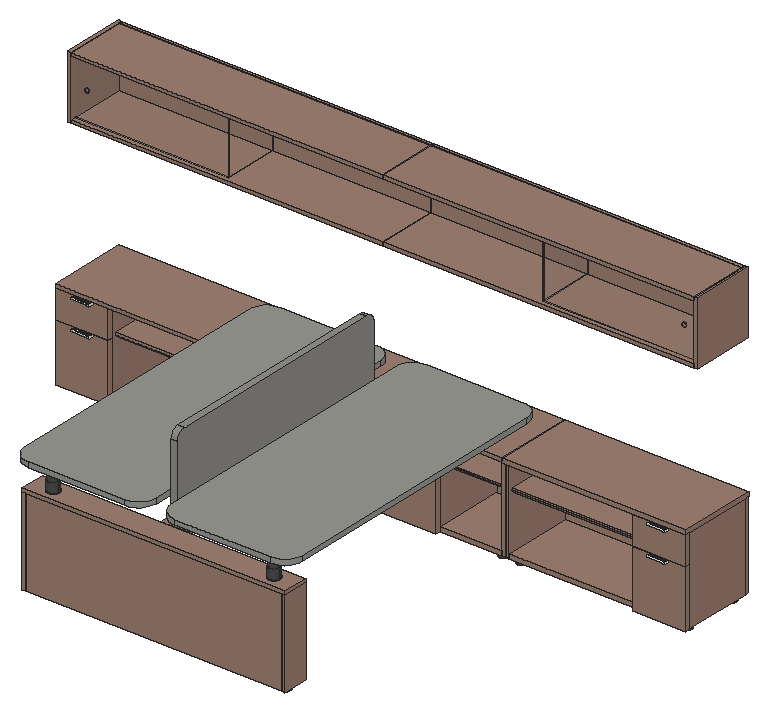
Revit family "T100135", category Furniture, Revit 2018 (continued)
Definition of nested family "APTOS WALLMOUNT ORGANIZER WITH OPEN END AND SLIDING GLASS DOOR Right"
  Reference planes (in)
    plane 3 "Center Left/Right": x = 0
    plane 4 "Left End": x = -36
    plane 5 "Front End": y = -13.375
    plane 6 "Right End": x = 36
    plane 7 "Back End": y = 0
    plane 8 "Height Top": z = 68.25
    plane 9: x = -35.25
    plane 10: x = 35.25
    plane 11: z = 67.5
    plane 12: z = 53.75
    plane 13: z = 54.5
    plane 14: y = -12.625
    plane 15: y = -2
    plane 16: y = -2
    plane 17: y = -11.375
    plane 18: y = -11.375
    plane 19: x = -34
    plane 20: x = 34
    plane 21: x = 34
    plane 22: x = -34
    plane 23: y = -14.5
    plane 24: x = 0
    plane 25: x = 0.125
    plane 26: x = -0.125
    plane 27: y = -0.75
    plane 28: y = -13.625
    plane 29: x = 32.75
    plane 30: x = -32.75
    plane 31: z = 61
  Forms (in)
    Extrusion 1, solid, material <- "Board Material"
      sketch origin (0, 0, 0) x (-1, 0, 0) y (0, -1, 0)
        loop
          line (-36, 0) -> (-35.25, 0) -> (-35.25, 14.5) -> (-36, 14.5) -> (-36, 0)
      from 53.75 to 68.25
    Extrusion 2, solid, material <- "Board Material"
      sketch origin (0, 0, 0) x (1, 0, 0) y (0, 1, 0)
        loop
          line (-36, -0.75) -> (-36, -14.5) -> (35.25, -14.5) -> (35.25, -0.75) -> (-36, -0.75)
      from 53.75 to 54.5
    Extrusion 3, solid, material <- "Board Material"
      sketch origin (0, 0, 0) x (1, 0, 0) y (0, 1, 0)
        loop
          line (-36, -0.75) -> (-36, -14.5) -> (35.25, -14.5) -> (35.25, -0.75) -> (-36, -0.75)
      from 67.5 to 68.25
    Extrusion 4, solid, material <- "Glass Door Material"
      sketch origin (0, 0, 0) x (1, 0, 0) y (0, 1, 0)
        loop
          line (-0.125, -0.75) -> (-0.125, -13.375) -> (0.125, -13.375) -> (0.125, -0.75) -> (-0.125, -0.75)
      from 54.5 to 67.5
    Extrusion 5, solid, material <- "Board Material"
      sketch origin (0, 27.875, 0) x (1, 0, 0) y (0, 1, 0)
        loop
          line (-36, -27.875) -> (-36, -28.625) -> (35.25, -28.625) -> (35.25, -27.875) -> (-36, -27.875)
      from 53.75 to 68.25
    Extrusion 6, solid, material <- "Glass Door Material"
      sketch origin (0, 0, 0) x (1, 0, 0) y (0, 1, 0)
        loop
          line (35.25, -13.375) -> (-0.125, -13.375) -> (-0.125, -13.625) -> (35.25, -13.625) -> (35.25, -13.375)
      from 54.5 to 67.5
    Extrusion 7, void
      sketch origin (9.5747, 0, 1.68758) x (1, 0, 0) y (0, 0, 1)
        loop
          circle (22.6753, 59.31242) r 0.5
      from 0.75 to 14.5
  Cuts and joins
    Extrusion 7 cuts Extrusion 6
  Dimensions and locks (in)
    equal spacing: plane 4 "Left End", plane 3 "Center Left/Right", plane 6 "Right End"
    "Width": plane 4 "Left End" to plane 6 "Right End"
    "Height": plane 8 "Height Top" to plane 12
    "Board Thick Sides": plane 4 "Left End" to plane 9
    "Board Thick Sides": plane 10 to plane 6 "Right End"
    "Board Thick Top and Bot": plane 8 "Height Top" to plane 11
    "Board Thick Top and Bot": plane 13 to plane 12
    "Bottom Board Offset": plane 12 to level
    "Board Thick Front": plane 14 to plane 5 "Front End"
    "Leg Offset": plane 17 to plane 5 "Front End"
    "Leg Offset": plane 18 to plane 5 "Front End"
    "Leg Offset": plane 15 to plane 7 "Back End"
    "Leg Offset": plane 16 to plane 7 "Back End"
    "Leg Offset": plane 4 "Left End" to plane 19
    "Leg Offset": plane 20 to plane 6 "Right End"
    "Leg Offset": plane 21 to plane 6 "Right End"
    "Leg Offset": plane 4 "Left End" to plane 22
    equal spacing: plane 26, plane 24, plane 25
    "Board Thick Internal": plane 26 to plane 25
    "Board Thick Back": plane 27 to plane 1 "Center Front/Back"
    "Depth": plane 23 to plane 1 "Center Front/Back"
    "Total Height": plane 8 "Height Top" to level
    "Door Inset": plane 5 "Front End" to plane 23
    "Board Thick Door": plane 5 "Front End" to plane 28
    locked: plane 29 to plane 10 at 2.5
    locked: plane 9 to plane 30 at 2.5
    equal spacing: plane 8 "Height Top", plane 31, plane 12
    aligned and locked: level to plane 2
    aligned and locked: plane 10 to Extrusion 1
    aligned and locked: Extrusion 1 to plane 6 "Right End"
    aligned and locked: plane 12 to Extrusion 1
    aligned and locked: plane 10 to Extrusion 2 sketch curve
    aligned and locked: Extrusion 4 to plane 5 "Front End"
    aligned and locked: Extrusion 4 to plane 13
    aligned and locked: plane 11 to Extrusion 4
    aligned and locked: Extrusion 3 to plane 23
    aligned and locked: plane 8 "Height Top" to Extrusion 3
    aligned and locked: Extrusion 3 to plane 11
    aligned and locked: Extrusion 6 to plane 11
    aligned and locked: Extrusion 5 to plane 27
    aligned and locked: Extrusion 5 to plane 1 "Center Front/Back"
    aligned and locked: Extrusion 1 to plane 1 "Center Front/Back"
    aligned and locked: plane 27 to Extrusion 4
    aligned and locked: plane 26 to Extrusion 4
    aligned and locked: Extrusion 4 to plane 25
    aligned and locked: plane 26 to Extrusion 6
    aligned and locked: plane 8 "Height Top" to Extrusion 1
    aligned and locked: Extrusion 3 to plane 10
    aligned and locked: plane 23 to Extrusion 1
    aligned and locked: Extrusion 6 to plane 10
    aligned and locked: Extrusion 6 to plane 13
    aligned and locked: Extrusion 5 to plane 10
    aligned and locked: Extrusion 6 to plane 28
    aligned and locked: Extrusion 7 to plane 31
    aligned and locked: Extrusion 7 to Extrusion 5
    aligned and locked: Extrusion 7 to Extrusion 1
    aligned and locked: plane 8 "Height Top" to Extrusion 5
    aligned and locked: Extrusion 5 to plane 12
    aligned and locked: Extrusion 3 to plane 27
    aligned and locked: Extrusion 3 to plane 4 "Left End"
    aligned and locked: Extrusion 5 to plane 4 "Left End"
    aligned and locked: Extrusion 2 to plane 4 "Left End"
  Automatic sketch dimensions
    Extrusion 1 sketch curve to plane 6 "Right End" = 0"
    Extrusion 1 sketch curve to plane 10 = 0"
    plane 23 to Extrusion 1 sketch curve = 0"
    plane 1 "Center Front/Back" to Extrusion 1 sketch curve = 0"
    Extrusion 2 sketch curve to plane 23 = 0"
    plane 1 "Center Front/Back" to Extrusion 2 sketch curve = 3/4"
    Extrusion 3 sketch curve to plane 9 = 3/4"
    Extrusion 3 sketch curve to plane 10 = 0"
    Extrusion 3 sketch curve to plane 23 = 0"
    plane 1 "Center Front/Back" to Extrusion 3 sketch curve = 3/4"
    Extrusion 4 sketch curve to plane 5 "Front End" = 0"
    Extrusion 4 sketch curve to plane 26 = 0"
    Extrusion 4 sketch curve to plane 25 = 0"
    Extrusion 4 sketch curve to plane 27 = 0"
    Extrusion 5 sketch curve to plane 9 = 3/4"
    Extrusion 5 sketch curve to plane 10 = 0"
    Extrusion 5 sketch curve to plane 27 = 0"
    plane 1 "Center Front/Back" to Extrusion 5 sketch curve = 0"
    Extrusion 6 sketch curve to plane 5 "Front End" = 0"
    Extrusion 6 sketch curve to plane 26 = 0"
    Extrusion 6 sketch curve to plane 10 = 0"
    plane 28 to Extrusion 6 sketch curve = 0"
    Extrusion 7 sketch curve to plane 31 = 0"
    Extrusion 7 sketch curve to plane 29 = 1/2"
    Extrusion 2 sketch curve to plane 9 = 3/4"
    radius of Extrusion 7 sketch curve = 1/2"
Definition of nested family "APTOS OPEN LEFT AND BOX-FILE RIGHT"
  Parameters
    Width = 54"
    URL = "http://ofsbrands.com"
    Shelf Height = 13 3/16"
    Right Module Size = 17 5/8"
    Handle Lenght = 4 1/8"
    Drawer Gap = 1/8"
    Door Handle Material = none
    Board Thick Door = 1 1/8"
    Depth = 18"
    Board Material = none
    Model = "34-L5418FSL2"
    Manufacturer = "OFS"
    Leg Caps Material = none
    Leg Offset = 2"
    Board Thick Internal = 3/4"
    Height = 22 1/4"
    Description = "OFS BRANDS OFS APTOS OPEN LEFT AND BOX/FILE RIGHT, 54\"Width = 36\"W Open and 18\"W Box/File"
    Copyright © = "© OFS BRANDS 2017"
    Catalog = "APTOS http://ofsbrands.com/products/casegoods/private-office/aptos"
    Bottom Board Offset = 1 1/2"
    Board Thick Top and Bot = 1"
    Board Thick Shelfs = 1"
    Board Thick Sides = 3/4"
    Board Thick Front = 3/4"
    Board Thick Back = 3/4"
    Authoring Version = "Autodesk Revit Architecture 2013"
    Assembly Code = "E2020200"
  Reference planes (in)
    plane 1 "Center Front/Back": y = 0
    plane 2: z = 0
    plane 3 "Center Left/Right": x = 0
    plane 4 "Left End": x = -27
    plane 5 "Front End": y = -16.875
    plane 6 "Right End": x = 27
    plane 7 "Back End": y = 0
    plane 8 "Height Top": z = 22.25
    plane 9: x = -26.25
    plane 10: x = 26.25
    plane 11: z = 14.6875
    plane 12: z = 15.6875
    plane 13: z = 21.25
    plane 14: z = 1.5
    plane 15: z = 2.5
    plane 16: y = -16.125
    plane 17: y = -2
    plane 18: y = -2
    plane 19: y = -14.875
    plane 20: y = -14.875
    plane 21: x = -25
    plane 22: x = 25
    plane 23: x = 25
    plane 24: x = -25
    plane 25: y = -18
    plane 26: z = 14.8125
    plane 27: x = 18
    plane 28: x = 15.9375
    plane 29: x = 20.0625
    plane 30: y = -0.75
    plane 31: x = 9.375
    plane 32: x = 9
    plane 33: x = 9.75
  Forms (in)
    Extrusion 1, solid, material <- "Board Material"
      sketch origin (0, 0, 0) x (1, 0, 0) y (0, 1, 0)
        loop
          line (-27, -0.75) -> (-27, -16.875) -> (-26.25, -16.875) -> (-26.25, -0.75) -> (-27, -0.75)
      from 1.5 to 21.25
    Extrusion 2, solid, material <- "Board Material"
      sketch origin (0, 0, 0) x (-1, 0, 0) y (0, -1, 0)
        loop
          line (-27, 0.75) -> (-26.25, 0.75) -> (-26.25, 16.875) -> (-27, 16.875) -> (-27, 0.75)
      from 1.5 to 21.25
    Extrusion 3, solid, material <- "Board Material"
      sketch origin (0, 0, 0) x (1, 0, 0) y (0, 1, 0)
        loop
          line (-26.25, -0.75) -> (-26.25, -16.875) -> (26.25, -16.875) -> (26.25, -0.75) -> (-26.25, -0.75)
      from 1.5 to 2.5
    Extrusion 4, solid, material <- "Board Material"
      sketch origin (0, 0, 0) x (1, 0, 0) y (0, 1, 0)
        loop
          line (-27, 0) -> (-27, -18) -> (27, -18) -> (27, 0) -> (-27, 0)
      from 21.25 to 22.25
    Revolve 5, solid, material <- "Leg Caps Material"
      sketch origin (0, -2, 0) x (-1, 0, 0) y (0, 0, 1)
        loop
          line (24, 0.28743) -> (24.5, 0.28743)
          arc (24.5, 0.28743) -> (24.35629, 0.14371) -> (24.5, 0) r 0.14371
          line (24.5, 0) -> (25, 0) -> (25, 1.5) -> (24, 1.5) -> (24, 0.28743)
        axis (25, 1.5) -> (25, 0)
      angle from 0 to 360
    Revolve 6, solid, material <- "Leg Caps Material"
      sketch origin (0, -2, 0) x (1, 0, 0) y (0, 0, -1)
        loop
          line (24, -0.28743) -> (24, -1.5) -> (25, -1.5) -> (25, 0) -> (24.5, 0)
          arc (24.5, 0) -> (24.35629, -0.14371) -> (24.5, -0.28743) r 0.14371
          line (24.5, -0.28743) -> (24, -0.28743)
        axis (25, -1.5) -> (25, 0)
      angle from 0 to 360
    Revolve 7, solid, material <- "Leg Caps Material"
      sketch origin (0, -14.875, 0) x (-1, 0, 0) y (0, 0, -1)
        loop
          line (24, -0.28743) -> (24, -1.5) -> (25, -1.5) -> (25, 0) -> (24.5, 0)
          arc (24.5, 0) -> (24.35629, -0.14371) -> (24.5, -0.28743) r 0.14371
          line (24.5, -0.28743) -> (24, -0.28743)
        axis (25, -1.5) -> (25, 0)
      angle from 0 to 360
    Revolve 8, solid, material <- "Leg Caps Material"
      sketch origin (0, -14.875, 0) x (1, 0, 0) y (0, 0, 1)
        loop
          line (24, 0.28743) -> (24.5, 0.28743)
          arc (24.5, 0.28743) -> (24.35629, 0.14371) -> (24.5, 0) r 0.14371
          line (24.5, 0) -> (25, 0) -> (25, 1.5) -> (24, 1.5) -> (24, 0.28743)
        axis (25, 1.5) -> (25, 0)
      angle from 0 to 360
    Extrusion 9, solid, material <- "Board Material"
      sketch origin (0, 0, 0) x (1, 0, 0) y (0, 1, 0)
        loop
          line (9, -0.75) -> (9, -16.875) -> (9.75, -16.875) -> (9.75, -0.75) -> (9, -0.75)
      from 2.5 to 21.25
    Extrusion 10, solid, material <- "Board Material"
      sketch origin (0, 27.875, 0) x (1, 0, 0) y (0, 1, 0)
        loop
          line (-27, -27.875) -> (-27, -28.625) -> (27, -28.625) -> (27, -27.875) -> (-27, -27.875)
      from 1.5 to 21.25
    Extrusion 11, solid, material <- "Board Material"
      sketch origin (0, 0, 0) x (0, 1, 0) y (0, 0, 1)
        loop
          line (-0.75, 15.6875) -> (-16.125, 15.6875) -> (-16.125, 15.1875) -> (-15.625, 14.6875) -> (-0.75, 14.6875) -> (-0.75, 15.6875)
      from -26.25 to 9
    Extrusion 12, solid, material <- "Board Material"
      sketch origin (0, 0, 0) x (1, 0, 0) y (0, 1, 0)
        loop
          line (27, -16.875) -> (9, -16.875) -> (9, -18) -> (27, -18) -> (27, -16.875)
      from 1.5 to 14.6875
    Extrusion 13, solid, material <- "Board Material"
      sketch origin (0, 0, 0) x (1, 0, 0) y (0, 1, 0)
        loop
          line (27, -16.875) -> (9, -16.875) -> (9, -18) -> (27, -18) -> (27, -16.875)
      from 14.8125 to 21.25
    Extrusion 14, solid, material <- "Door Handle Material"
      sketch origin (0, 5.64442, 4.60983) x (0, 1, 0) y (0, 0, 1)
        loop
          arc (-24.44863, 16.6372) -> (-24.63506, 16.45076) -> (-24.44863, 16.26433) r 0.18644
          arc (-24.44863, 16.26433) -> (-24.36853, 16.26913) -> (-24.28958, 16.28348) r 0.66994
          arc (-24.28958, 16.28348) -> (-24.06675, 16.31125) -> (-23.84329, 16.28915) r 1.01098
          arc (-23.84329, 16.28915) -> (-23.74439, 16.27301) -> (-23.64442, 16.26609) r 1.08212
          line (-23.64442, 16.26609) -> (-23.64442, 16.64017)
          arc (-23.64442, 16.64017) -> (-23.74475, 16.62561) -> (-23.84329, 16.60174) r 1.08374
          arc (-23.84329, 16.60174) -> (-24.06697, 16.57316) -> (-24.28958, 16.60914) r 0.78757
          arc (-24.28958, 16.60914) -> (-24.36779, 16.63063) -> (-24.44863, 16.6372) r 0.43385
      from 15.9375 to 20.0625
    Extrusion 15, solid, material <- "Door Handle Material"
      sketch origin (0, 5.64442, -1.95267) x (0, 1, 0) y (0, 0, 1)
        loop
          arc (-24.44863, 16.6372) -> (-24.63506, 16.45076) -> (-24.44863, 16.26433) r 0.18644
          arc (-24.44863, 16.26433) -> (-24.36853, 16.26913) -> (-24.28958, 16.28348) r 0.66994
          arc (-24.28958, 16.28348) -> (-24.06675, 16.31125) -> (-23.84329, 16.28915) r 1.01098
          arc (-23.84329, 16.28915) -> (-23.74439, 16.27301) -> (-23.64442, 16.26609) r 1.08212
          line (-23.64442, 16.26609) -> (-23.64442, 16.64017)
          arc (-23.64442, 16.64017) -> (-23.74475, 16.62561) -> (-23.84329, 16.60174) r 1.08374
          arc (-23.84329, 16.60174) -> (-24.06697, 16.57316) -> (-24.28958, 16.60914) r 0.78757
          arc (-24.28958, 16.60914) -> (-24.36779, 16.63063) -> (-24.44863, 16.6372) r 0.43385
      from 15.9375 to 20.0625
  Dimensions and locks (in)
    equal spacing: plane 4 "Left End", plane 3 "Center Left/Right", plane 6 "Right End"
    "Width": plane 4 "Left End" to plane 6 "Right End"
    "Height": plane 8 "Height Top" to level
    "Board Thick Sides": plane 4 "Left End" to plane 9
    "Board Thick Sides": plane 10 to plane 6 "Right End"
    "Board Thick Top and Bot": plane 8 "Height Top" to plane 13
    "Board Thick Shelfs": plane 12 to plane 11
    "Board Thick Top and Bot": plane 15 to plane 14
    "Bottom Board Offset": plane 14 to level
    "Board Thick Front": plane 16 to plane 5 "Front End"
    "Leg Offset": plane 19 to plane 5 "Front End"
    "Leg Offset": plane 20 to plane 5 "Front End"
    "Leg Offset": plane 17 to plane 7 "Back End"
    "Leg Offset": plane 18 to plane 7 "Back End"
    "Leg Offset": plane 4 "Left End" to plane 21
    "Leg Offset": plane 22 to plane 6 "Right End"
    "Leg Offset": plane 23 to plane 6 "Right End"
    "Leg Offset": plane 4 "Left End" to plane 24
    "Board Thick Door": plane 25 to plane 5 "Front End"
    "Shelf Height": plane 12 to plane 15
    "Drawer Gap": plane 26 to plane 11
    equal spacing: plane 28, plane 27, plane 29
    "Handle Lenght": plane 28 to plane 29
    "Board Thick Back": plane 30 to plane 1 "Center Front/Back"
    "Depth": plane 25 to plane 1 "Center Front/Back"
    "Board Thick Internal": plane 32 to plane 33
    equal spacing: plane 32, plane 31, plane 33
    "Right Module Size": plane 31 to plane 6 "Right End"
    equal spacing: plane 33, plane 27, plane 10
    aligned and locked: level to plane 2
    aligned and locked: plane 5 "Front End" to Extrusion 1 sketch curve
    aligned and locked: plane 4 "Left End" to Extrusion 1 sketch curve
    aligned and locked: Extrusion 1 sketch curve to plane 9
    aligned and locked: Extrusion 2 to plane 5 "Front End"
    aligned and locked: plane 10 to Extrusion 2
    aligned and locked: Extrusion 2 to plane 6 "Right End"
    aligned and locked: plane 14 to Extrusion 2
    aligned and locked: plane 10 to Extrusion 3 sketch curve
    aligned and locked: plane 9 to Extrusion 3 sketch curve
    aligned and locked: plane 18 to Revolve 5
    aligned and locked: Revolve 6 to plane 17
    aligned and locked: plane 20 to Revolve 8
    aligned and locked: Revolve 7 to plane 19
    aligned and locked: Extrusion 9 to plane 5 "Front End"
    aligned and locked: Extrusion 10 to plane 4 "Left End"
    aligned and locked: Extrusion 10 to plane 6 "Right End"
    aligned and locked: Extrusion 10 to plane 14
    aligned and locked: plane 12 to Extrusion 11
    aligned and locked: Extrusion 11 to plane 11
    aligned and locked: plane 16 to Extrusion 11
    aligned and locked: Extrusion 3 to plane 15
    aligned and locked: Extrusion 3 to plane 14
    aligned and locked: Extrusion 9 to plane 15
    aligned and locked: plane 13 to Extrusion 9
    aligned and locked: Extrusion 10 to plane 13
    aligned and locked: Extrusion 2 to plane 13
    aligned and locked: Extrusion 4 to plane 25
    aligned and locked: Extrusion 4 to plane 6 "Right End"
    aligned and locked: Extrusion 4 to plane 4 "Left End"
    aligned and locked: plane 8 "Height Top" to Extrusion 4
    aligned and locked: Extrusion 4 to plane 13
    aligned and locked: Extrusion 11 to plane 9
    aligned and locked: Extrusion 12 to plane 6 "Right End"
    aligned and locked: Extrusion 12 to plane 14
    aligned and locked: Extrusion 10 to plane 30
    aligned and locked: Extrusion 10 to plane 1 "Center Front/Back"
    aligned and locked: Extrusion 4 to plane 1 "Center Front/Back"
    aligned and locked: plane 30 to Extrusion 11
    aligned and locked: plane 30 to Extrusion 9
    aligned and locked: plane 13 to Extrusion 1
    aligned and locked: Extrusion 1 to plane 14
    aligned and locked: Extrusion 12 to plane 11
    aligned and locked: plane 26 to Extrusion 13
    aligned and locked: Extrusion 13 to plane 13
    aligned and locked: Extrusion 9 to plane 33
    aligned and locked: Extrusion 9 to plane 32
    aligned and locked: Extrusion 11 to Extrusion 9
    aligned and locked: plane 32 to Extrusion 13
    aligned and locked: plane 32 to Extrusion 12
    aligned and locked: Extrusion 14 to plane 29
    aligned and locked: Extrusion 15 to plane 29
    aligned and locked: Extrusion 14 to plane 28
    aligned and locked: Extrusion 15 to plane 28
    aligned and locked: plane 30 to Extrusion 1
    aligned and locked: plane 30 to Extrusion 2
    aligned and locked: plane 30 to Extrusion 3
  Automatic sketch dimensions
    plane 1 "Center Front/Back" to Extrusion 1 sketch curve = 3/4"
    Extrusion 2 sketch curve to plane 5 "Front End" = 0"
    Extrusion 2 sketch curve to plane 6 "Right End" = 0"
    Extrusion 2 sketch curve to plane 10 = 0"
    Extrusion 2 sketch curve to plane 1 "Center Front/Back" = 3/4"
    Extrusion 3 sketch curve to plane 5 "Front End" = 0"
    plane 1 "Center Front/Back" to Extrusion 3 sketch curve = 3/4"
    Extrusion 4 sketch curve to plane 4 "Left End" = 0"
    Extrusion 4 sketch curve to plane 6 "Right End" = 0"
    Extrusion 4 sketch curve to plane 25 = 0"
    plane 1 "Center Front/Back" to Extrusion 4 sketch curve = 0"
    Revolve 5 sketch curve to plane 14 = 0"
    Revolve 5 sketch curve to level = 0"
    plane 21 to Revolve 5 sketch curve = 0"  (x2)
    level to Revolve 5 sketch curve = 0.28743"
    Revolve 5 sketch curve to plane 21 = 1/2"
    Revolve 5 sketch curve to Revolve 5 sketch curve = 1/2"  (x2)
    Revolve 5 sketch curve to Revolve 5 sketch curve = 0"
    level to Revolve 5 sketch curve = 0.14371"
    Revolve 5 sketch curve to plane 15 = 1/4"
    Revolve 6 sketch curve to plane 14 = 0"
    Revolve 6 sketch curve to level = 0"
    Revolve 6 sketch curve to plane 22 = 0"  (x2)
    level to Revolve 6 sketch curve = 0.28743"
    Revolve 6 sketch curve to Revolve 6 sketch curve = 1/2"  (x3)
    Revolve 6 sketch curve to Revolve 6 sketch curve = 0"  (x2)
    Revolve 6 sketch curve to plane 15 = 1/4"
    Revolve 7 sketch curve to plane 14 = 0"
    Revolve 7 sketch curve to level = 0"
    plane 21 to Revolve 7 sketch curve = 0"  (x2)
    level to Revolve 7 sketch curve = 0.28743"
    Revolve 7 sketch curve to plane 21 = 1/2"
    Revolve 7 sketch curve to Revolve 7 sketch curve = 1/2"  (x2)
    Revolve 7 sketch curve to Revolve 7 sketch curve = 0"  (x2)
    Revolve 7 sketch curve to plane 15 = 1/4"
    Revolve 8 sketch curve to plane 14 = 0"
    Revolve 8 sketch curve to level = 0"
    Revolve 8 sketch curve to plane 22 = 0"  (x2)
    level to Revolve 8 sketch curve = 0.28743"
    Revolve 8 sketch curve to Revolve 8 sketch curve = 1/2"  (x3)
    Revolve 8 sketch curve to Revolve 8 sketch curve = 0"
    level to Revolve 8 sketch curve = 0.14371"
    Revolve 8 sketch curve to plane 15 = 1/4"
    Extrusion 9 sketch curve to plane 5 "Front End" = 0"
    Extrusion 9 sketch curve to plane 32 = 0"
    Extrusion 9 sketch curve to plane 33 = 0"
    Extrusion 9 sketch curve to plane 30 = 0"
    Extrusion 10 sketch curve to plane 4 "Left End" = 0"
    Extrusion 10 sketch curve to plane 6 "Right End" = 0"
    Extrusion 10 sketch curve to plane 30 = 0"
    plane 1 "Center Front/Back" to Extrusion 10 sketch curve = 0"
    Extrusion 11 sketch curve to plane 12 = 0"
    Extrusion 11 sketch curve to plane 16 = 0"
    Extrusion 11 sketch curve to plane 11 = 0"
    Extrusion 11 sketch curve to plane 30 = 0"
    plane 26 to Extrusion 11 sketch curve = 3/8"
    Extrusion 11 sketch curve to plane 16 = 1/2"
    Extrusion 12 sketch curve to plane 5 "Front End" = 0"
    Extrusion 12 sketch curve to plane 32 = 0"
    Extrusion 12 sketch curve to plane 6 "Right End" = 0"
    plane 25 to Extrusion 12 sketch curve = 0"
    Extrusion 13 sketch curve to plane 5 "Front End" = 0"
    Extrusion 13 sketch curve to plane 32 = 0"
    Extrusion 13 sketch curve to plane 6 "Right End" = 0"
    plane 25 to Extrusion 13 sketch curve = 0"
    Extrusion 14 sketch curve to plane 13 = 0"
    Extrusion 14 sketch curve to plane 25 = 0"
    Extrusion 14 sketch curve to plane 13 = 0.37408"
    plane 25 to Extrusion 14 sketch curve = 0.80421"
    Extrusion 14 sketch curve to Extrusion 14 sketch curve = 0.00546"
    Extrusion 14 sketch curve to plane 13 = 0.03103"
    Extrusion 14 sketch curve to Extrusion 14 sketch curve = 0.15905"  (x2)
    plane 25 to Extrusion 14 sketch curve = 0.4095"  (x2)
    Extrusion 14 sketch curve to plane 8 "Height Top" = 0.27955"
    Extrusion 14 sketch curve to plane 13 = 0.03843"
    plane 25 to Extrusion 14 sketch curve = 0.19887"
    Extrusion 14 sketch curve to plane 25 = 0.02468"
    Extrusion 14 sketch curve to plane 25 = 0.10528"
    Extrusion 14 sketch curve to Extrusion 14 sketch curve = 0.2612"
    Extrusion 14 sketch curve to Extrusion 14 sketch curve = 0.40575"
    Extrusion 14 sketch curve to Extrusion 14 sketch curve = 0.06095"
    Extrusion 14 sketch curve to Extrusion 14 sketch curve = 0"
    Extrusion 14 sketch curve to Extrusion 14 sketch curve = 0.01915"
    Extrusion 15 sketch curve to plane 11 = 0"
    Extrusion 15 sketch curve to plane 25 = 0"
    Extrusion 15 sketch curve to plane 11 = 0.37408"
    plane 25 to Extrusion 15 sketch curve = 0.80421"
    Extrusion 15 sketch curve to Extrusion 15 sketch curve = 0.00546"
    Extrusion 15 sketch curve to plane 11 = 0.03103"
    Extrusion 15 sketch curve to Extrusion 15 sketch curve = 0.15905"  (x2)
    plane 25 to Extrusion 15 sketch curve = 0.4095"  (x2)
    Extrusion 15 sketch curve to plane 12 = 0.27955"
    Extrusion 15 sketch curve to plane 11 = 0.03843"
    plane 25 to Extrusion 15 sketch curve = 0.19887"
    Extrusion 15 sketch curve to plane 25 = 0.02468"
    Extrusion 15 sketch curve to plane 25 = 0.10528"
    Extrusion 15 sketch curve to Extrusion 15 sketch curve = 0.2612"
    Extrusion 15 sketch curve to Extrusion 15 sketch curve = 0.40575"
    Extrusion 15 sketch curve to Extrusion 15 sketch curve = 0.06095"
    Extrusion 15 sketch curve to Extrusion 15 sketch curve = 0"
    Extrusion 15 sketch curve to Extrusion 15 sketch curve = 0.01915"
Definition of nested family "APTOS OPEN RIGHT AND BOX-FILE LEFT"
  Parameters
    Width = 54"
    URL = "http://ofsbrands.com"
    Shelf Height = 13 3/16"
    Left Module Size = 17 5/8"
    Handle Lenght = 4 1/8"
    Drawer Gap = 1/8"
    Door Handle Material = none
    Board Thick Door = 1 1/8"
    Depth = 18"
    Board Material = none
    Model = "34-L5418FSR2"
    Manufacturer = "OFS"
    Leg Caps Material = none
    Leg Offset = 2"
    Board Thick Internal = 3/4"
    Height = 22 1/4"
    Description = "OFS BRANDS OFS APTOS OPEN RIGHT AND BOX/FILE LEFT, 54\"Width = 36\"W Open and 18\"W Box/File"
    Copyright © = "© OFS BRANDS 2017"
    Catalog = "APTOS http://ofsbrands.com/products/casegoods/private-office/aptos"
    Bottom Board Offset = 1 1/2"
    Board Thick Top and Bot = 1"
    Board Thick Shelfs = 1"
    Board Thick Sides = 3/4"
    Board Thick Front = 3/4"
    Board Thick Back = 3/4"
    Authoring Version = "Autodesk Revit Architecture 2013"
    Assembly Code = "E2020200"
  Reference planes (in)
    plane 1 "Center Front/Back": y = 0
    plane 2: z = 0
    plane 3 "Center Left/Right": x = 0
    plane 4 "Left End": x = -27
    plane 5 "Front End": y = -16.875
    plane 6 "Right End": x = 27
    plane 7 "Back End": y = 0
    plane 8 "Height Top": z = 22.25
    plane 9: x = -26.25
    plane 10: x = 26.25
    plane 11: z = 14.6875
    plane 12: z = 15.6875
    plane 13: z = 21.25
    plane 14: z = 1.5
    plane 15: z = 2.5
    plane 16: y = -16.125
    plane 17: y = -2
    plane 18: y = -2
    plane 19: y = -14.875
    plane 20: y = -14.875
    plane 21: x = -25
    plane 22: x = 25
    plane 23: x = 25
    plane 24: x = -25
    plane 25: y = -18
    plane 26: z = 14.8125
    plane 27: x = -17.625
    plane 28: x = -19.6875
    plane 29: x = -15.5625
    plane 30: y = -0.75
    plane 31: x = -9.375
    plane 32: x = -9.75
    plane 33: x = -9
  Forms (in)
    Extrusion 1, solid, material <- "Board Material"
      sketch origin (0, 0, 0) x (1, 0, 0) y (0, 1, 0)
        loop
          line (-27, -0.75) -> (-27, -16.875) -> (-26.25, -16.875) -> (-26.25, -0.75) -> (-27, -0.75)
      from 1.5 to 21.25
    Extrusion 2, solid, material <- "Board Material"
      sketch origin (0, 0, 0) x (-1, 0, 0) y (0, -1, 0)
        loop
          line (-27, 0.75) -> (-26.25, 0.75) -> (-26.25, 16.875) -> (-27, 16.875) -> (-27, 0.75)
      from 1.5 to 21.25
    Extrusion 3, solid, material <- "Board Material"
      sketch origin (0, 0, 0) x (1, 0, 0) y (0, 1, 0)
        loop
          line (-26.25, -0.75) -> (-26.25, -16.875) -> (26.25, -16.875) -> (26.25, -0.75) -> (-26.25, -0.75)
      from 1.5 to 2.5
    Extrusion 4, solid, material <- "Board Material"
      sketch origin (0, 0, 0) x (1, 0, 0) y (0, 1, 0)
        loop
          line (-27, 0) -> (-27, -18) -> (27, -18) -> (27, 0) -> (-27, 0)
      from 21.25 to 22.25
    Revolve 5, solid, material <- "Leg Caps Material"
      sketch origin (0, -2, 0) x (-1, 0, 0) y (0, 0, 1)
        loop
          line (24, 0.28743) -> (24.5, 0.28743)
          arc (24.5, 0.28743) -> (24.35629, 0.14371) -> (24.5, 0) r 0.14371
          line (24.5, 0) -> (25, 0) -> (25, 1.5) -> (24, 1.5) -> (24, 0.28743)
        axis (25, 1.5) -> (25, 0)
      angle from 0 to 360
    Revolve 6, solid, material <- "Leg Caps Material"
      sketch origin (0, -2, 0) x (1, 0, 0) y (0, 0, -1)
        loop
          line (24, -0.28743) -> (24, -1.5) -> (25, -1.5) -> (25, 0) -> (24.5, 0)
          arc (24.5, 0) -> (24.35629, -0.14371) -> (24.5, -0.28743) r 0.14371
          line (24.5, -0.28743) -> (24, -0.28743)
        axis (25, -1.5) -> (25, 0)
      angle from 0 to 360
    Revolve 7, solid, material <- "Leg Caps Material"
      sketch origin (0, -14.875, 0) x (-1, 0, 0) y (0, 0, -1)
        loop
          line (24, -0.28743) -> (24, -1.5) -> (25, -1.5) -> (25, 0) -> (24.5, 0)
          arc (24.5, 0) -> (24.35629, -0.14371) -> (24.5, -0.28743) r 0.14371
          line (24.5, -0.28743) -> (24, -0.28743)
        axis (25, -1.5) -> (25, 0)
      angle from 0 to 360
    Revolve 8, solid, material <- "Leg Caps Material"
      sketch origin (0, -14.875, 0) x (1, 0, 0) y (0, 0, 1)
        loop
          line (24, 0.28743) -> (24.5, 0.28743)
          arc (24.5, 0.28743) -> (24.35629, 0.14371) -> (24.5, 0) r 0.14371
          line (24.5, 0) -> (25, 0) -> (25, 1.5) -> (24, 1.5) -> (24, 0.28743)
        axis (25, 1.5) -> (25, 0)
      angle from 0 to 360
    Extrusion 9, solid, material <- "Board Material"
      sketch origin (0, 0, 0) x (1, 0, 0) y (0, 1, 0)
        loop
          line (-9.75, -0.75) -> (-9.75, -16.875) -> (-9, -16.875) -> (-9, -0.75) -> (-9.75, -0.75)
      from 2.5 to 21.25
    Extrusion 10, solid, material <- "Board Material"
      sketch origin (0, 27.875, 0) x (1, 0, 0) y (0, 1, 0)
        loop
          line (-27, -27.875) -> (-27, -28.625) -> (27, -28.625) -> (27, -27.875) -> (-27, -27.875)
      from 1.5 to 21.25
    Extrusion 11, solid, material <- "Board Material"
      sketch origin (0, 0, 0) x (0, 1, 0) y (0, 0, 1)
        loop
          line (-0.75, 15.6875) -> (-16.125, 15.6875) -> (-16.125, 15.1875) -> (-15.625, 14.6875) -> (-0.75, 14.6875) -> (-0.75, 15.6875)
      from -9 to 26.25
    Extrusion 12, solid, material <- "Board Material"
      sketch origin (0, 0, 0) x (1, 0, 0) y (0, 1, 0)
        loop
          line (-9, -16.875) -> (-27, -16.875) -> (-27, -18) -> (-9, -18) -> (-9, -16.875)
      from 1.5 to 14.6875
    Extrusion 13, solid, material <- "Board Material"
      sketch origin (0, 0, 0) x (1, 0, 0) y (0, 1, 0)
        loop
          line (-9, -16.875) -> (-27, -16.875) -> (-27, -18) -> (-9, -18) -> (-9, -16.875)
      from 14.8125 to 21.25
    Extrusion 14, solid, material <- "Door Handle Material"
      sketch origin (0, 5.64442, 4.60983) x (0, 1, 0) y (0, 0, 1)
        loop
          arc (-24.44863, 16.6372) -> (-24.63506, 16.45076) -> (-24.44863, 16.26433) r 0.18644
          arc (-24.44863, 16.26433) -> (-24.36853, 16.26913) -> (-24.28958, 16.28348) r 0.66994
          arc (-24.28958, 16.28348) -> (-24.06675, 16.31125) -> (-23.84329, 16.28915) r 1.01098
          arc (-23.84329, 16.28915) -> (-23.74439, 16.27301) -> (-23.64442, 16.26609) r 1.08212
          line (-23.64442, 16.26609) -> (-23.64442, 16.64017)
          arc (-23.64442, 16.64017) -> (-23.74475, 16.62561) -> (-23.84329, 16.60174) r 1.08374
          arc (-23.84329, 16.60174) -> (-24.06697, 16.57316) -> (-24.28958, 16.60914) r 0.78757
          arc (-24.28958, 16.60914) -> (-24.36779, 16.63063) -> (-24.44863, 16.6372) r 0.43385
      from -19.6875 to -15.5625
    Extrusion 15, solid, material <- "Door Handle Material"
      sketch origin (0, 5.64442, -1.95267) x (0, 1, 0) y (0, 0, 1)
        loop
          arc (-24.44863, 16.6372) -> (-24.63506, 16.45076) -> (-24.44863, 16.26433) r 0.18644
          arc (-24.44863, 16.26433) -> (-24.36853, 16.26913) -> (-24.28958, 16.28348) r 0.66994
          arc (-24.28958, 16.28348) -> (-24.06675, 16.31125) -> (-23.84329, 16.28915) r 1.01098
          arc (-23.84329, 16.28915) -> (-23.74439, 16.27301) -> (-23.64442, 16.26609) r 1.08212
          line (-23.64442, 16.26609) -> (-23.64442, 16.64017)
          arc (-23.64442, 16.64017) -> (-23.74475, 16.62561) -> (-23.84329, 16.60174) r 1.08374
          arc (-23.84329, 16.60174) -> (-24.06697, 16.57316) -> (-24.28958, 16.60914) r 0.78757
          arc (-24.28958, 16.60914) -> (-24.36779, 16.63063) -> (-24.44863, 16.6372) r 0.43385
      from -19.6875 to -15.5625
  Dimensions and locks (in)
    equal spacing: plane 4 "Left End", plane 3 "Center Left/Right", plane 6 "Right End"
    "Width": plane 4 "Left End" to plane 6 "Right End"
    "Height": plane 8 "Height Top" to level
    "Board Thick Sides": plane 4 "Left End" to plane 9
    "Board Thick Sides": plane 10 to plane 6 "Right End"
    "Board Thick Top and Bot": plane 8 "Height Top" to plane 13
    "Board Thick Shelfs": plane 12 to plane 11
    "Board Thick Top and Bot": plane 15 to plane 14
    "Bottom Board Offset": plane 14 to level
    "Board Thick Front": plane 16 to plane 5 "Front End"
    "Leg Offset": plane 19 to plane 5 "Front End"
    "Leg Offset": plane 20 to plane 5 "Front End"
    "Leg Offset": plane 17 to plane 7 "Back End"
    "Leg Offset": plane 18 to plane 7 "Back End"
    "Leg Offset": plane 4 "Left End" to plane 21
    "Leg Offset": plane 22 to plane 6 "Right End"
    "Leg Offset": plane 23 to plane 6 "Right End"
    "Leg Offset": plane 4 "Left End" to plane 24
    "Board Thick Door": plane 25 to plane 5 "Front End"
    "Shelf Height": plane 12 to plane 15
    "Drawer Gap": plane 26 to plane 11
    equal spacing: plane 28, plane 27, plane 29
    "Handle Lenght": plane 28 to plane 29
    "Board Thick Back": plane 30 to plane 1 "Center Front/Back"
    "Depth": plane 25 to plane 1 "Center Front/Back"
    "Board Thick Internal": plane 32 to plane 33
    equal spacing: plane 32, plane 31, plane 33
    "Left Module Size": plane 4 "Left End" to plane 31
    equal spacing: plane 9, plane 27, plane 33
    aligned and locked: level to plane 2
    aligned and locked: plane 5 "Front End" to Extrusion 1 sketch curve
    aligned and locked: plane 4 "Left End" to Extrusion 1 sketch curve
    aligned and locked: Extrusion 1 sketch curve to plane 9
    aligned and locked: Extrusion 2 to plane 5 "Front End"
    aligned and locked: plane 10 to Extrusion 2
    aligned and locked: Extrusion 2 to plane 6 "Right End"
    aligned and locked: plane 14 to Extrusion 2
    aligned and locked: plane 10 to Extrusion 3 sketch curve
    aligned and locked: plane 9 to Extrusion 3 sketch curve
    aligned and locked: plane 18 to Revolve 5
    aligned and locked: Revolve 6 to plane 17
    aligned and locked: plane 20 to Revolve 8
    aligned and locked: Revolve 7 to plane 19
    aligned and locked: Extrusion 9 to plane 5 "Front End"
    aligned and locked: Extrusion 10 to plane 4 "Left End"
    aligned and locked: Extrusion 10 to plane 6 "Right End"
    aligned and locked: Extrusion 10 to plane 14
    aligned and locked: plane 12 to Extrusion 11
    aligned and locked: Extrusion 11 to plane 11
    aligned and locked: plane 16 to Extrusion 11
    aligned and locked: Extrusion 3 to plane 15
    aligned and locked: Extrusion 3 to plane 14
    aligned and locked: Extrusion 9 to plane 15
    aligned and locked: plane 13 to Extrusion 9
    aligned and locked: Extrusion 10 to plane 13
    aligned and locked: Extrusion 2 to plane 13
    aligned and locked: Extrusion 4 to plane 25
    aligned and locked: Extrusion 4 to plane 6 "Right End"
    aligned and locked: Extrusion 4 to plane 4 "Left End"
    aligned and locked: plane 8 "Height Top" to Extrusion 4
    aligned and locked: Extrusion 4 to plane 13
    aligned and locked: Extrusion 12 to plane 14
    aligned and locked: Extrusion 10 to plane 30
    aligned and locked: Extrusion 10 to plane 1 "Center Front/Back"
    aligned and locked: Extrusion 4 to plane 1 "Center Front/Back"
    aligned and locked: Extrusion 11 to plane 30
    aligned and locked: plane 30 to Extrusion 9
    aligned and locked: plane 13 to Extrusion 1
    aligned and locked: Extrusion 1 to plane 14
    aligned and locked: plane 11 to Extrusion 12
    aligned and locked: Extrusion 13 to plane 26
    aligned and locked: plane 13 to Extrusion 13
    aligned and locked: Extrusion 9 to plane 33
    aligned and locked: Extrusion 9 to plane 32
    aligned and locked: Extrusion 14 to plane 29
    aligned and locked: Extrusion 15 to plane 29
    aligned and locked: Extrusion 14 to plane 28
    aligned and locked: Extrusion 15 to plane 28
    aligned and locked: plane 30 to Extrusion 1
    aligned and locked: plane 30 to Extrusion 2
    aligned and locked: plane 30 to Extrusion 3
    aligned and locked: plane 33 to Extrusion 11
    aligned and locked: Extrusion 11 to plane 10
    aligned and locked: Extrusion 13 to plane 4 "Left End"
    aligned and locked: Extrusion 12 to plane 4 "Left End"
    aligned and locked: Extrusion 13 to plane 33
    aligned and locked: Extrusion 12 to plane 33
  Automatic sketch dimensions
    plane 1 "Center Front/Back" to Extrusion 1 sketch curve = 3/4"
    Extrusion 2 sketch curve to plane 5 "Front End" = 0"
    Extrusion 2 sketch curve to plane 6 "Right End" = 0"
    Extrusion 2 sketch curve to plane 10 = 0"
    Extrusion 2 sketch curve to plane 1 "Center Front/Back" = 3/4"
    Extrusion 3 sketch curve to plane 5 "Front End" = 0"
    plane 1 "Center Front/Back" to Extrusion 3 sketch curve = 3/4"
    Extrusion 4 sketch curve to plane 4 "Left End" = 0"
    Extrusion 4 sketch curve to plane 6 "Right End" = 0"
    Extrusion 4 sketch curve to plane 25 = 0"
    plane 1 "Center Front/Back" to Extrusion 4 sketch curve = 0"
    Revolve 5 sketch curve to plane 14 = 0"
    Revolve 5 sketch curve to level = 0"
    plane 21 to Revolve 5 sketch curve = 0"  (x2)
    level to Revolve 5 sketch curve = 0.28743"
    Revolve 5 sketch curve to plane 21 = 1/2"
    Revolve 5 sketch curve to Revolve 5 sketch curve = 1/2"  (x2)
    Revolve 5 sketch curve to Revolve 5 sketch curve = 0"
    level to Revolve 5 sketch curve = 0.14371"
    Revolve 5 sketch curve to plane 15 = 1/4"
    Revolve 6 sketch curve to plane 14 = 0"
    Revolve 6 sketch curve to level = 0"
    Revolve 6 sketch curve to plane 22 = 0"  (x2)
    level to Revolve 6 sketch curve = 0.28743"
    Revolve 6 sketch curve to Revolve 6 sketch curve = 1/2"  (x3)
    Revolve 6 sketch curve to Revolve 6 sketch curve = 0"  (x2)
    Revolve 6 sketch curve to plane 15 = 1/4"
    Revolve 7 sketch curve to plane 14 = 0"
    Revolve 7 sketch curve to level = 0"
    plane 21 to Revolve 7 sketch curve = 0"  (x2)
    level to Revolve 7 sketch curve = 0.28743"
    Revolve 7 sketch curve to plane 21 = 1/2"
    Revolve 7 sketch curve to Revolve 7 sketch curve = 1/2"  (x2)
    Revolve 7 sketch curve to Revolve 7 sketch curve = 0"  (x2)
    Revolve 7 sketch curve to plane 15 = 1/4"
    Revolve 8 sketch curve to plane 14 = 0"
    Revolve 8 sketch curve to level = 0"
    Revolve 8 sketch curve to plane 22 = 0"  (x2)
    level to Revolve 8 sketch curve = 0.28743"
    Revolve 8 sketch curve to Revolve 8 sketch curve = 1/2"  (x3)
    Revolve 8 sketch curve to Revolve 8 sketch curve = 0"
    level to Revolve 8 sketch curve = 0.14371"
    Revolve 8 sketch curve to plane 15 = 1/4"
    Extrusion 9 sketch curve to plane 5 "Front End" = 0"
    Extrusion 9 sketch curve to plane 32 = 0"
    Extrusion 9 sketch curve to plane 33 = 0"
    Extrusion 9 sketch curve to plane 30 = 0"
    Extrusion 10 sketch curve to plane 4 "Left End" = 0"
    Extrusion 10 sketch curve to plane 6 "Right End" = 0"
    Extrusion 10 sketch curve to plane 30 = 0"
    plane 1 "Center Front/Back" to Extrusion 10 sketch curve = 0"
    Extrusion 11 sketch curve to plane 12 = 0"
    Extrusion 11 sketch curve to plane 16 = 0"
    Extrusion 11 sketch curve to plane 11 = 0"
    Extrusion 11 sketch curve to plane 30 = 0"
    plane 26 to Extrusion 11 sketch curve = 3/8"
    Extrusion 11 sketch curve to plane 16 = 1/2"
    Extrusion 12 sketch curve to plane 5 "Front End" = 0"
    Extrusion 12 sketch curve to plane 32 = 17 1/4"
    plane 6 "Right End" to Extrusion 12 sketch curve = 36"
    plane 25 to Extrusion 12 sketch curve = 0"
    Extrusion 13 sketch curve to plane 5 "Front End" = 0"
    Extrusion 13 sketch curve to plane 32 = 17 1/4"
    plane 6 "Right End" to Extrusion 13 sketch curve = 36"
    plane 25 to Extrusion 13 sketch curve = 0"
    Extrusion 14 sketch curve to plane 13 = 0"
    Extrusion 14 sketch curve to plane 25 = 0"
    Extrusion 14 sketch curve to plane 13 = 0.37408"
    plane 25 to Extrusion 14 sketch curve = 0.80421"
    Extrusion 14 sketch curve to Extrusion 14 sketch curve = 0.00546"
    Extrusion 14 sketch curve to plane 13 = 0.03103"
    Extrusion 14 sketch curve to Extrusion 14 sketch curve = 0.15905"  (x2)
    plane 25 to Extrusion 14 sketch curve = 0.4095"  (x2)
    Extrusion 14 sketch curve to plane 8 "Height Top" = 0.27955"
    Extrusion 14 sketch curve to plane 13 = 0.03843"
    plane 25 to Extrusion 14 sketch curve = 0.19887"
    Extrusion 14 sketch curve to plane 25 = 0.02468"
    Extrusion 14 sketch curve to plane 25 = 0.10528"
    Extrusion 14 sketch curve to Extrusion 14 sketch curve = 0.2612"
    Extrusion 14 sketch curve to Extrusion 14 sketch curve = 0.40575"
    Extrusion 14 sketch curve to Extrusion 14 sketch curve = 0.06095"
    Extrusion 14 sketch curve to Extrusion 14 sketch curve = 0"
    Extrusion 14 sketch curve to Extrusion 14 sketch curve = 0.01915"
    Extrusion 15 sketch curve to plane 11 = 0"
    Extrusion 15 sketch curve to plane 25 = 0"
    Extrusion 15 sketch curve to plane 11 = 0.37408"
    plane 25 to Extrusion 15 sketch curve = 0.80421"
    Extrusion 15 sketch curve to Extrusion 15 sketch curve = 0.00546"
    Extrusion 15 sketch curve to plane 11 = 0.03103"
    Extrusion 15 sketch curve to Extrusion 15 sketch curve = 0.15905"  (x2)
    plane 25 to Extrusion 15 sketch curve = 0.4095"  (x2)
    Extrusion 15 sketch curve to plane 12 = 0.27955"
    Extrusion 15 sketch curve to plane 11 = 0.03843"
    plane 25 to Extrusion 15 sketch curve = 0.19887"
    Extrusion 15 sketch curve to plane 25 = 0.02468"
    Extrusion 15 sketch curve to plane 25 = 0.10528"
    Extrusion 15 sketch curve to Extrusion 15 sketch curve = 0.2612"
    Extrusion 15 sketch curve to Extrusion 15 sketch curve = 0.40575"
    Extrusion 15 sketch curve to Extrusion 15 sketch curve = 0.06095"
    Extrusion 15 sketch curve to Extrusion 15 sketch curve = 0"
    Extrusion 15 sketch curve to Extrusion 15 sketch curve = 0.01915"
Definition of nested family "APTOS RAIL"
  Parameters
    Width = 72"
    URL = "http://ofsbrands.com"
    Plate Thickness 2 = 15/16"
    Door Handle Material = none
    Depth = 6"
    Board Material = none
    Model = "34-72PRB"
    Manufacturer = "OFS"
    Leg Caps Material = none
    Plate Thichness = 3/4"
    Description = "OFS BRANDS OFS APTOS CROSS RAIL 72\""
    Copyright © = "© OFS BRANDS 2017"
    Catalog = "APTOS http://ofsbrands.com/products/casegoods/private-office/aptos"
    Height = 22 1/4"
    Authoring Version = "Autodesk Revit Architecture 2013"
    Assembly Code = "E2020200"
  Reference planes (in)
    plane 1 "Center Front/Back": y = 0
    plane 2: z = 0
    plane 3 "Center Left/Right": x = 0
    plane 4 "Left End": x = -36
    plane 5 "Front End": y = -3
    plane 6 "Right End": x = 36
    plane 7 "Height Top": z = 22.25
    plane 8: z = 21.5
    plane 9: x = -31
    plane 10: x = -28
    plane 11: x = 31
    plane 12: x = 28
    plane 13: y = 3
    plane 14: y = 2
    plane 15: y = -2
    plane 16: z = 20.5625
  Forms (in)
    Extrusion 1, solid, material <- "Board Material"
      sketch origin (0, 0, 0) x (1, 0, 0) y (0, 1, 0)
        loop
          line (-28, 3) -> (-28, -3) -> (28, -3) -> (28, 3) -> (-28, 3)
      from 21.5 to 22.25
    Extrusion 2, solid, material <- "Board Material"
      sketch origin (0, 0, 0) x (0, 1, 0) y (0, 0, 1)
        loop
          line (2, 20.5625) -> (2, 21.3125) -> (1.5, 21.3125) -> (1.5, 21.5) -> (-1.5, 21.5) -> (-1.5, 21.3125) -> (-2, 21.3125) -> (-2, 20.5625) -> (2, 20.5625)
      from -31 to 31
  Dimensions and locks (in)
    "Plate Thichness": plane 7 "Height Top" to plane 8
    "Height": plane 7 "Height Top" to level
    "Depth": plane 5 "Front End" to plane 13
    equal spacing: plane 4 "Left End", plane 3 "Center Left/Right", plane 6 "Right End"
    "Width": plane 4 "Left End" to plane 6 "Right End"
    equal spacing: plane 5 "Front End", plane 1 "Center Front/Back", plane 13
    "Plate Thickness 2": plane 8 to plane 16
    locked: plane 4 "Left End" to plane 9 at 5
    locked: plane 9 to plane 10 at 3
    locked: plane 11 to plane 6 "Right End" at 5
    locked: plane 12 to plane 11 at 3
    aligned and locked: level to plane 2
    aligned and locked: plane 13 to Extrusion 1 sketch curve
    aligned and locked: plane 5 "Front End" to Extrusion 1 sketch curve
    aligned and locked: plane 12 to Extrusion 1 sketch curve
    aligned and locked: plane 10 to Extrusion 1 sketch curve
    aligned and locked: plane 7 "Height Top" to Extrusion 1
    aligned and locked: Extrusion 1 to plane 8
    aligned and locked: Extrusion 2 sketch curve to plane 16
    aligned and locked: Extrusion 2 sketch curve to plane 14
    aligned and locked: plane 8 to Extrusion 2 sketch curve
    aligned and locked: Extrusion 2 to plane 11
    aligned and locked: Extrusion 2 to plane 9
  Automatic sketch dimensions
    Extrusion 2 sketch curve to plane 15 = 0"
    Extrusion 2 sketch curve to plane 8 = 3/16"  (x2)
    plane 15 to Extrusion 2 sketch curve = 1/2"
    plane 14 to Extrusion 2 sketch curve = 1/2"
